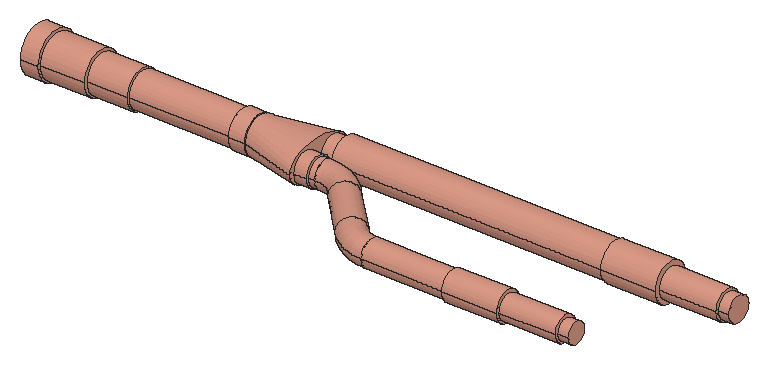
Revit family "outputfile", category 配管付属品, Revit 2024
Family settings
  丸型コネクタ寸法 = 半径を使用
  パーツ タイプ = 標準
  OmniClass 番号 = 23.65.55.00
  OmniClass タイトル = Distribution of Supplied Liquids/Gases
  作業面ベース = いいえ
  常に垂直 = はい
  ロード時にボイドで切り取り = いいえ
  共有 = いいえ
Parameters (values of type "BHRP25A72T")
  Description = ""
  製造元 = "Daikin"
  書き出し IFC クラス(タイプ) = "IfcPipeFittingType"
  定義済み IFC タイプ(タイプ) = "JUNCTION"
  Cost = 0
  Type Comments = ""
  Keynote = ""
  Type Image = (empty or 0)
  Assembly Code = ""
  mm⇔inch [instance] = yes
  l_dividePipe1 [instance] = size_lookup(table_StraightPipe, "l_dividePipe1", 10.0 mm, モデル)  # 10.0 mm
  Default Elevation = 0.0 mm
  モデル = "BHRP25A72T"
  table_StraightPipe [instance] = if(mm⇔inch, "Refnet Joint_BHRP25A-T_Gas_StraightPipe", "Refnet Joint_BHRP25A-T_Gas_StraightPipe_inch")  # "Refnet Joint_BHRP25A-T_Gas_StraightPipe"
  table_BranchPipe [instance] = if(mm⇔inch, "Refnet Joint_BHRP25A-T_Gas_BranchPipe", "Refnet Joint_BHRP25A-T_Gas_BranchPipe_inch")  # "Refnet Joint_BHRP25A-T_Gas_BranchPipe"
  table_Inlet [instance] = if(mm⇔inch, "Refnet Joint_BHRP25A-T_Gas_Inlet", "Refnet Joint_BHRP25A-T_Gas_Inlet_inch")  # "Refnet Joint_BHRP25A-T_Gas_Inlet"
  switch_StraightPipe_Reducer [instance] = if(Is_StraightPipe Reducer = 1, 1 = 1, 1 = 0)  # no
  switch_StraightPipe3 [instance] = if(number_StraightPipe = 3, 1 = 1, 1 = 0)  # yes
  switch_StraightPipe2 [instance] = if(number_StraightPipe < 2, 1 = 0, 1 = 1)  # yes
  switch_BranchPipe_Reducer [instance] = if(Is_BranchPipe Reducer = 1, 1 = 1, 1 = 0)  # no
  switch_BranchPipe3 [instance] = if(number_BranchPipe = 3, 1 = 1, 1 = 0)  # yes
  switch_BranchPipe2 [instance] = if(number_BranchPipe < 2, 1 = 0, 1 = 1)  # yes
  switch_Inlet pipe_Reducer [instance] = if(Is_Inlet Reducer = 1, 1 = 1, 1 = 0)  # no
  switch_Inlet pipe3 [instance] = if(number_InletPipe = 3, 1 = 1, 1 = 0)  # yes
  switch_Inlet pipe2 [instance] = if(number_InletPipe < 2, 1 = 0, 1 = 1)  # yes
  Uniclass2015Version = "Products v1.31"
  Uniclass2015Title = "Copper pipe fittings"
  Uniclass2015Code = "Pr_65_52_63_18"
  URL = ""
  StraightPipe_Gas_ActualDiameter [instance] = 15.9 mm
  Material_Piping = DAIKIN_Copper_Pipe
  Material_Insulation = DAIKIN_White_Insulation
  lw_Insulation [instance] = size_lookup(table_Inlet, "lw_Insulation", 57.8 mm, モデル)  # 53.5 mm
  Unit Type = "BHRP25A-T_Gas"
  Tag No. [instance] = ""
  StraightPipe_Gas_Status [instance] = size_lookup(table_StraightPipe, "Information", "The connected pipe size is not available.", モデル, StraightPipe_Gas_ActualDiameter)  # "Default connector size is used."
  Link_Nested Family [instance] = ""
  Inlet_Gas_Actual Diameter [instance] = 31.8 mm
  IfcVersion = ""
  IfcExportType = "JUNCTION"
  IfcExportAs = "IfcPipeFittingType"
  BranchPipe_Gas_Status [instance] = size_lookup(table_BranchPipe, "Information", "The connected pipe size is not available.", モデル, BranchPipe_Gas_ActualDiameter)  # "Default connector size is used."
  Inlet_Gas_Status [instance] = size_lookup(table_Inlet, "Information", "The connected pipe size is not available.", モデル, Inlet_Gas_Actual Diameter)  # "Default connector size is used."
  Series = "Refnet Joint"
  O.R_dividePipe_Inlet [instance] = (I.D_InletPipe1 + 2.0 mm) / 2  # 13.7 mm
  r_StraightPipe_Connector [instance] = StraightPipe_Gas_ActualDiameter / 2  # 7.95 mm
  r_BranchPipe_Connector [instance] = BranchPipe_Gas_ActualDiameter / 2  # 6.35 mm
  r_Inlet_Connector [instance] = Inlet_Gas_Actual Diameter / 2  # 15.9 mm
  number_StraightPipe [instance] = size_lookup(table_StraightPipe, "pipeNumber", 2, モデル, StraightPipe_Gas_ActualDiameter)  # 3
  number_BranchPipe [instance] = size_lookup(table_BranchPipe, "pipeNumber", 2, モデル, BranchPipe_Gas_ActualDiameter)  # 3
  number_InletPipe [instance] = size_lookup(table_Inlet, "pipeNumber", 3, モデル, Inlet_Gas_Actual Diameter)  # 3
  r_BranchPipeR [instance] = size_lookup(table_BranchPipe, "r_offsetPipeR", 25.0 mm, モデル, BranchPipe_Gas_ActualDiameter)  # 30.0 mm
  l_BranchPipe_Straight2 [instance] = size_lookup(table_BranchPipe, "L_offsetPipe2", 43.0 mm, モデル)  # 60.0 mm
  l_BranchPipe_Straight1 [instance] = size_lookup(table_BranchPipe, "L_offsetPipe1", 5.0 mm, モデル)  # 5.0 mm
  l_BranchPipe connector [instance] = size_lookup(table_BranchPipe, "Length", 170.0 mm, モデル, BranchPipe_Gas_ActualDiameter)  # 243.0 mm
  l_inlet connector [instance] = size_lookup(table_Inlet, "Length", 130.0 mm, モデル, Inlet_Gas_Actual Diameter)  # 162.0 mm
  l_dividePipe [instance] = size_lookup(table_Inlet, "L_devidePipe", 38.0 mm, モデル)  # 43.0 mm
  l_StraightPipeReducer [instance] = size_lookup(table_StraightPipe, "L_Reducer", 80.0 mm, モデル, StraightPipe_Gas_ActualDiameter)  # 100.0 mm
  l_StraightPipe3 [instance] = size_lookup(table_StraightPipe, "L_Pipe3", 2.0 mm, モデル)  # 8.0 mm
  l_StraightPipe2 [instance] = size_lookup(table_StraightPipe, "L_Pipe2", 8.0 mm, モデル)  # 42.0 mm
  l_StraightPipe1 [instance] = size_lookup(table_StraightPipe, "L_Pipe1", 42.0 mm, モデル)  # 40.0 mm
  l_StraightPipe0 [instance] = size_lookup(table_StraightPipe, "L_Pipe0", 152.0 mm, モデル)  # 198.0 mm
  l_StraightPipe connector [instance] = size_lookup(table_StraightPipe, "Length", 212.0 mm, モデル, StraightPipe_Gas_ActualDiameter)  # 298.0 mm
  l_BranchPipe Reducer [instance] = size_lookup(table_BranchPipe, "L_Reducer", 80.0 mm, モデル, BranchPipe_Gas_ActualDiameter)  # 100.0 mm
  l_BranchPipe3 [instance] = size_lookup(table_BranchPipe, "L_Pipe3", 2.0 mm, モデル)  # 8.0 mm
  l_BranchPipe2 [instance] = size_lookup(table_BranchPipe, "L_Pipe2", 8.0 mm, モデル)  # 42.0 mm
  l_BranchPipe1 [instance] = size_lookup(table_BranchPipe, "L_Pipe1", 42.0 mm, モデル)  # 40.0 mm
  l_BranchPipe0 [instance] = size_lookup(table_BranchPipe, "L_Pipe0", 110.0 mm, モデル)  # 143.0 mm
  l_InletReducer [instance] = size_lookup(table_Inlet, "L_Reducer", 100.0 mm, モデル, Inlet_Gas_Actual Diameter)  # 100.0 mm
  l_InletPipe3 [instance] = size_lookup(table_Inlet, "L_Pipe3", 8.0 mm, モデル)  # 13.0 mm
  l_InletPipe2 [instance] = size_lookup(table_Inlet, "L_Pipe2", 42.0 mm, モデル)  # 33.0 mm
  l_InletPipe1 [instance] = size_lookup(table_Inlet, "L_Pipe1", 40.0 mm, モデル)  # 30.0 mm
  l_InletPipe0 [instance] = size_lookup(table_Inlet, "L_Pipe0", 28.0 mm, モデル)  # 74.0 mm
  center_StraightPipe [instance] = size_lookup(table_StraightPipe, "center_Pipe", 11.5 mm, モデル)  # 12.5 mm
  center_BranchPipe2 [instance] = size_lookup(table_BranchPipe, "center_OffsetPipe", 68.5 mm, モデル)  # 67.5 mm
  center_BranchPipe1 [instance] = size_lookup(table_BranchPipe, "center_Pipe", 11.5 mm, モデル)  # 12.5 mm
  StraightPipe_Gas_AvailableDiameter [instance] = size_lookup(table_StraightPipe, "sizeVariation", "", モデル)  # "15.9/19.1/22.2/25.4/28.6mm"
  BranchPipe_Gas_AvailableDiameter [instance] = size_lookup(table_BranchPipe, "sizeVariation", "", モデル)  # "12.7/15.9/19.1/22.2/28.6mm"
  Inlet_Gas_Available Diameter [instance] = size_lookup(table_Inlet, "sizeVariation", "", モデル)  # "25.4/28.6/31.8mm"
  O.D_StraightPipe Reducer [instance] = size_lookup(table_StraightPipe, "O.D_reducer", 2.0 mm, モデル, StraightPipe_Gas_ActualDiameter)  # 2.0 mm
  O.D_Offset Outlet Reducer [instance] = size_lookup(table_BranchPipe, "O.D_reducer", 2.0 mm, モデル, BranchPipe_Gas_ActualDiameter)  # 2.0 mm
  O.D_Inlet Reducer [instance] = size_lookup(table_Inlet, "O.D_reducer", 2.0 mm, モデル, Inlet_Gas_Actual Diameter)  # 2.0 mm
  Is_StraightPipe Reducer [instance] = size_lookup(table_StraightPipe, "IsReducer", 0, モデル, StraightPipe_Gas_ActualDiameter)  # 0
  Is_BranchPipe Reducer [instance] = size_lookup(table_BranchPipe, "IsReducer", 0, モデル, BranchPipe_Gas_ActualDiameter)  # 0
  Is_Inlet Reducer [instance] = size_lookup(table_Inlet, "IsReducer", 0, モデル, Inlet_Gas_Actual Diameter)  # 0
  BranchPipe_Gas_ActualDiameter [instance] = 12.7 mm
  Attach_Insulation [instance] = no
  I.D_StraightPipe3 [instance] = size_lookup(table_StraightPipe, "I.D_PipeSize3", 2.0 mm, モデル)  # 15.9 mm
  I.D_StraightPipe2 [instance] = size_lookup(table_StraightPipe, "I.D_PipeSize2", 12.7 mm, モデル)  # 19.1 mm
  I.D_StraightPipe1 [instance] = size_lookup(table_StraightPipe, "I.D_PipeSize1", 15.9 mm, モデル)  # 25.4 mm
  I.D_StraightPipe0 [instance] = size_lookup(table_StraightPipe, "I.D_PipeSize0", 13.9 mm, モデル)  # 23.4 mm
  I.D_BranchPipe3 [instance] = size_lookup(table_BranchPipe, "I.D_PipeSize3", 2.0 mm, モデル)  # 12.7 mm
  I.D_BranchPipe2 [instance] = size_lookup(table_BranchPipe, "I.D_PipeSize2", 12.7 mm, モデル)  # 15.9 mm
  I.D_BranchPipe1 [instance] = size_lookup(table_BranchPipe, "I.D_PipeSize1", 15.9 mm, モデル)  # 19.1 mm
  I.D_BranchPipe0 [instance] = size_lookup(table_BranchPipe, "I.D_PipeSize0", 13.9 mm, モデル)  # 17.1 mm
  I.D_Straight Reducer [instance] = size_lookup(table_StraightPipe, "I.D_reducer", 2.0 mm, モデル, StraightPipe_Gas_ActualDiameter)  # 2.0 mm
  I.D_OutletPipe [instance] = size_lookup(table_Inlet, "I.D_OutletPipeSize", 16.0 mm, モデル, Inlet_Gas_Actual Diameter)  # 19.2 mm
  I.D_Branch Reducer [instance] = size_lookup(table_BranchPipe, "I.D_reducer", 2.0 mm, モデル, BranchPipe_Gas_ActualDiameter)  # 2.0 mm
  I.D_Inlet Reducer [instance] = size_lookup(table_Inlet, "I.D_reducer", 2.0 mm, モデル, Inlet_Gas_Actual Diameter)  # 2.0 mm
  I.D_InletPipe3 [instance] = size_lookup(table_Inlet, "I.D_PipeSize3", 12.7 mm, モデル)  # 31.8 mm
  I.D_InletPipe2 [instance] = size_lookup(table_Inlet, "I.D_PipeSize2", 15.9 mm, モデル)  # 28.6 mm
  I.D_InletPipe1 [instance] = size_lookup(table_Inlet, "I.D_PipeSize1", 19.1 mm, モデル)  # 25.4 mm
  I.D_InletPipe0 [instance] = size_lookup(table_Inlet, "I.D_PipeSize0", 17.1 mm, モデル)  # 23.4 mm
Reference planes
  plane 1 "Center (Front/Back)": y = 0
  plane 2: z = 0
  plane 3 "base_left": x = 0
  plane 4: x = 13
  plane 5: x = 46
  plane 6: x = 76
  plane 7: x = 150
  plane 8: x = 162
  plane 9: x = 205
  plane 10: x = 215
  plane 11 "center_straight outlet": y = 12.5
  plane 12 "center2_offset outlet": y = -67.5
  plane 13 "center1_offset outlet": y = -12.5
  plane 14: x = 413
  plane 15: x = 453
  plane 16: x = 495
  plane 17: x = 358
  plane 18: x = 398
  plane 19: x = 440
  plane 20: x = 503
  plane 21: x = 448
  plane 22 "Reducer_straightoutlet": x = 448
  plane 23: x = 503
  plane 24: y = -26.2
  plane 25: z = 13.7
  plane 26 "Inlet_connector": x = 0
  plane 27 "Left_Insulation": x = 108.5
Forms (mm)
  SweptBlend 1, solid, material "DAIKIN_Copper_Pipe" <- "Material_Piping"
    path origin (0, 0, 0) x (1, 0, 0) y (0, 1, 0)
      loop
        line (162, 0) -> (205, 0)
    profile origin (162, 0, 0) x (0, 1, 0) y (0, 0, 1)
      loop
        circle (0, 0) r 13.7
    end profile origin (205, 0, 0) x (0, 1, 0) y (0, 0, 1)
      loop
        spline (-26.2, 0) -> (-25.307, -3.546) -> (-22.69, -6.85) -> (-18.526, -9.687) -> (-13.1, -11.865) -> (-6.781, -13.233) -> (0, -13.7) -> (6.781, -13.233) -> (13.1, -11.865) -> (18.526, -9.687) -> (22.69, -6.85) -> (25.307, -3.546) -> (26.2, 0)
        spline (26.2, 0) -> (25.307, 3.546) -> (22.69, 6.85) -> (18.526, 9.687) -> (13.1, 11.865) -> (6.781, 13.233) -> (0, 13.7) -> (-6.781, 13.233) -> (-13.1, 11.865) -> (-18.526, 9.687) -> (-22.69, 6.85) -> (-25.307, 3.546) -> (-26.2, 0)
Dimensions and locks
  "l_InletPipe3": plane 3 "base_left" to plane 4
  "l_InletPipe2": plane 4 to plane 5
  "l_InletPipe1": plane 5 to plane 6
  "l_InletPipe0": plane 6 to plane 7
  locked: plane 7 to plane 8 at 12
  "center_StraightPipe": plane 1 "Center (Front/Back)" to plane 11 "center_straight outlet"
  "center_BranchPipe2": plane 12 "center2_offset outlet" to plane 1 "Center (Front/Back)"
  "center_BranchPipe1": plane 13 "center1_offset outlet" to plane 1 "Center (Front/Back)"
  "l_dividePipe": plane 8 to plane 9
  "l_dividePipe1": plane 9 to plane 10
  "l_StraightPipe0": plane 10 to plane 14
  "l_BranchPipe0": plane 10 to plane 17
  "l_BranchPipe1": plane 17 to plane 18
  "l_BranchPipe2": plane 18 to plane 19
  "l_StraightPipe1": plane 14 to plane 15
  "l_StraightPipe2": plane 15 to plane 16
  "l_StraightPipe3": plane 16 to plane 20
  "l_BranchPipe3": plane 19 to plane 21
  "l_BranchPipe connector": plane 9 to plane 22 "Reducer_straightoutlet"
  "l_StraightPipe connector": plane 9 to plane 23
  "O.R_dividePipe_Inlet": plane 24 to plane 13 "center1_offset outlet"
  "O.R_dividePipe_Inlet": plane 25 to plane 2
  "l_inlet connector": plane 26 "Inlet_connector" to plane 8
  "lw_Insulation": plane 27 "Left_Insulation" to plane 8
  "O.R_dividePipe_Inlet": radius of SweptBlend 1 sketch curve
  aligned and locked: level to plane 2
  aligned and locked: plane 2 to nested 1
  aligned and locked: plane 3 "base_left" to nested 1
  aligned and locked: plane 1 "Center (Front/Back)" to nested 1
  aligned and locked: plane 4 to nested 2
  aligned and locked: plane 1 "Center (Front/Back)" to nested 2
  aligned and locked: plane 5 to nested 2
  aligned and locked: plane 5 to nested 3
  aligned and locked: plane 6 to nested 3
  aligned and locked: plane 6 to nested 4
  aligned and locked: nested 4 to plane 7
  aligned and locked: nested 5 to plane 7
  aligned and locked: nested 5 to plane 8
  aligned and locked: plane 8 to SweptBlend 1 sketch curve
  aligned and locked: plane 9 to SweptBlend 1 sketch curve
  aligned and locked: plane 2 to SweptBlend 1 sketch curve  (x2)
  aligned and locked: plane 1 "Center (Front/Back)" to SweptBlend 1 sketch curve  (x2)
  aligned and locked: nested 6 to plane 9
  aligned and locked: nested 7 to plane 9
  aligned and locked: nested 6 to plane 11 "center_straight outlet"
  aligned and locked: nested 7 to plane 13 "center1_offset outlet"
  aligned and locked: nested 7 to plane 10
  aligned and locked: nested 6 to plane 10
  aligned and locked: nested 8 to plane 10
  aligned and locked: plane 14 to nested 8
  aligned and locked: nested 8 to plane 11 "center_straight outlet"
  aligned and locked: plane 14 to nested 9
  aligned and locked: nested 9 to plane 11 "center_straight outlet"
  aligned and locked: plane 15 to nested 9
  aligned and locked: nested 10 to plane 11 "center_straight outlet"
  aligned and locked: plane 15 to nested 10
  aligned and locked: plane 16 to nested 10
  aligned and locked: nested 11 to plane 12 "center2_offset outlet"
  aligned and locked: plane 17 to nested 11
  aligned and locked: plane 18 to nested 11
  aligned and locked: nested 12 to plane 12 "center2_offset outlet"
  aligned and locked: plane 18 to nested 12
  aligned and locked: plane 19 to nested 12
  aligned and locked: nested 13 to plane 10
  aligned and locked: nested 13 to plane 13 "center1_offset outlet"
  aligned and locked: nested 13 to plane 12 "center2_offset outlet"
  aligned and locked: plane 8 to nested 14
  aligned and locked: plane 1 "Center (Front/Back)" to nested 14
  aligned and locked: plane 11 "center_straight outlet" to nested 15
  aligned and locked: nested 15 to plane 9
  aligned and locked: nested 16 to plane 9
  aligned and locked: plane 12 "center2_offset outlet" to nested 16
  aligned and locked: nested 17 to plane 1 "Center (Front/Back)"
  aligned and locked: plane 16 to nested 18
  aligned and locked: plane 20 to nested 18
  aligned and locked: plane 19 to nested 19
  aligned and locked: plane 21 to nested 19
  aligned and locked: nested 20 to plane 12 "center2_offset outlet"
  aligned and locked: plane 23 to nested 21
  aligned and locked: nested 21 to plane 11 "center_straight outlet"
  aligned and locked: plane 4 to nested 1
  aligned and locked: plane 24 to SweptBlend 1 sketch curve
  aligned and locked: plane 25 to SweptBlend 1 sketch curve
  aligned and locked: nested 19 to plane 12 "center2_offset outlet"
  aligned and locked: nested 18 to plane 11 "center_straight outlet"
  aligned and locked: nested 17 to plane 26 "Inlet_connector"
  aligned and locked: plane 22 "Reducer_straightoutlet" to nested 20
  aligned and locked: plane 27 "Left_Insulation" to nested 22
  aligned and locked: plane 1 "Center (Front/Back)" to nested 22
Automatic sketch dimensions
  plane 1 "Center (Front/Back)" to SweptBlend 1 sketch curve = 0.0 mm
Nested families
  nested 1: "daikin_Pipe" at (6.5, 0, 0), I.D_Pipe <- "I.D_InletPipe3", display <- "switch_Inlet pipe3", type "*"
    with length_Pipe 13.0 mm, display yes, O.D_Pipe 33.8 mm, I.D_Pipe 31.8 mm
  nested 2: "daikin_Pipe" at (29.5, 0, 0), I.D_Pipe <- "I.D_InletPipe2", display <- "switch_Inlet pipe2", type "*"
    with length_Pipe 33.0 mm, display yes, O.D_Pipe 30.6 mm, I.D_Pipe 28.6 mm
  nested 3: "daikin_Pipe" at (61, 0, 0), I.D_Pipe <- "I.D_InletPipe1", type "*"
    with length_Pipe 30.0 mm, display yes, O.D_Pipe 27.4 mm, I.D_Pipe 25.4 mm
  nested 4: "daikin_Pipe" at (113, 0, 0), I.D_Pipe <- "I.D_InletPipe0", type "*"
    with length_Pipe 74.0 mm, display yes, O.D_Pipe 25.4 mm, I.D_Pipe 23.4 mm
  nested 5: "daikin_Pipe" at (156, 0, 0), I.D_Pipe <- "I.D_InletPipe1", type "*"
    with length_Pipe 12.0 mm, display yes, O.D_Pipe 27.4 mm, I.D_Pipe 25.4 mm
  nested 6: "daikin_Pipe" at (210, 12.5, 0), I.D_Pipe <- "I.D_OutletPipe", type "*"
    with length_Pipe 10.0 mm, display yes, O.D_Pipe 21.2 mm, I.D_Pipe 19.2 mm
  nested 7: "daikin_Pipe" at (210, -12.5, 0), I.D_Pipe <- "I.D_OutletPipe", type "*"
    with length_Pipe 10.0 mm, display yes, O.D_Pipe 21.2 mm, I.D_Pipe 19.2 mm
  nested 8: "daikin_Pipe" at (314, 12.5, 0), I.D_Pipe <- "I.D_StraightPipe0", type "*"
    with length_Pipe 198.0 mm, display yes, O.D_Pipe 25.4 mm, I.D_Pipe 23.4 mm
  nested 9: "daikin_Pipe" at (433, 12.5, 0), I.D_Pipe <- "I.D_StraightPipe1", type "*"
    with length_Pipe 40.0 mm, display yes, O.D_Pipe 27.4 mm, I.D_Pipe 25.4 mm
  nested 10: "daikin_Pipe" at (474, 12.5, 0), I.D_Pipe <- "I.D_StraightPipe2", display <- "switch_StraightPipe2", type "*"
    with length_Pipe 42.0 mm, display yes, O.D_Pipe 21.1 mm, I.D_Pipe 19.1 mm
  nested 11: "daikin_Pipe" at (378, -67.5, 0), I.D_Pipe <- "I.D_BranchPipe1", type "*"
    with length_Pipe 40.0 mm, display yes, O.D_Pipe 21.1 mm, I.D_Pipe 19.1 mm
  nested 12: "daikin_Pipe" at (419, -67.5, 0), I.D_Pipe <- "I.D_BranchPipe2", display <- "switch_BranchPipe2", type "*"
    with length_Pipe 42.0 mm, display yes, O.D_Pipe 17.9 mm, I.D_Pipe 15.9 mm
  nested 13: "daikin_Pipe Ofsset" at (215, -12.5, 0), I.D_Pipe size <- "I.D_BranchPipe0", length_straight pipe1 <- "l_BranchPipe_Straight1", length_straight pipe2 <- "l_BranchPipe_Straight2", r_Pipe R <- "r_BranchPipeR", length_Pipe <- "l_BranchPipe0", type "*"
    with r_Pipe R 30.0 mm, length_straight pipe2 60.0 mm, length_straight pipe1 5.0 mm, length_offset center 55.0 mm, length_Pipe 143.0 mm, O.D_Pipe size 19.1 mm, I.D_Pipe size 17.1 mm
  nested 14: "daikin_connector_rotate2" at (162, 0, 0) x (0, -1, 0) z (0, 0, 1), length <- "l_inlet connector", type "daikin_connector_rotate2"
    with radius 5.0 mm, length 162.0 mm, angle_vertical 90.00°, locaton_mark no
  nested 15: "daikin_connector_rotate2" at (205, 12.5, 0) x (0, 1, 0) z (0, 0, 1), length <- "l_StraightPipe connector", type "daikin_connector_rotate2"
    with radius 5.0 mm, length 298.0 mm, angle_vertical 90.00°, locaton_mark no
  nested 16: "daikin_connector_rotate2" at (205, -67.5, 0) x (0, 1, 0) z (0, 0, 1), length <- "l_BranchPipe connector", type "daikin_connector_rotate2"
    with radius 5.0 mm, length 243.0 mm, angle_vertical 90.00°, locaton_mark no
  nested 17: "daikin_Pipe_reducer" at (50, 0, 0) x (-1, 0, 0) z (0, 0, 1), display <- "switch_Inlet pipe_Reducer", length_Pipe <- "l_InletReducer", I.D_Pipe1 <- "I.D_Inlet Reducer", O.D_Pipe2 <- "O.D_Inlet Reducer", type "*"
    with length_Pipe 100.0 mm, display no, O.D_Pipe2 2.0 mm, O.D_Pipe1 4.0 mm, I.D_Pipe2 0.0 mm, I.D_Pipe1 2.0 mm
  nested 18: "daikin_Pipe" at (499, 12.5, 0), I.D_Pipe <- "I.D_StraightPipe3", display <- "switch_StraightPipe3", type "*"
    with length_Pipe 8.0 mm, display yes, O.D_Pipe 17.9 mm, I.D_Pipe 15.9 mm
  nested 19: "daikin_Pipe" at (444, -67.5, 0), I.D_Pipe <- "I.D_BranchPipe3", display <- "switch_BranchPipe3", type "*"
    with length_Pipe 8.0 mm, display yes, O.D_Pipe 14.7 mm, I.D_Pipe 12.7 mm
  nested 20: "daikin_Pipe_reducer" at (398, -67.5, 0), I.D_Pipe1 <- "I.D_Branch Reducer", O.D_Pipe2 <- "O.D_Offset Outlet Reducer", length_Pipe <- "l_BranchPipe Reducer", display <- "switch_BranchPipe_Reducer", type "*"
    with length_Pipe 100.0 mm, display no, O.D_Pipe2 2.0 mm, O.D_Pipe1 4.0 mm, I.D_Pipe2 0.0 mm, I.D_Pipe1 2.0 mm
  nested 21: "daikin_Pipe_reducer" at (453, 12.5, 0), I.D_Pipe1 <- "I.D_Straight Reducer", O.D_Pipe2 <- "O.D_StraightPipe Reducer", length_Pipe <- "l_StraightPipeReducer", display <- "switch_StraightPipe_Reducer", type "*"
    with length_Pipe 100.0 mm, display no, O.D_Pipe2 2.0 mm, O.D_Pipe1 4.0 mm, I.D_Pipe2 0.0 mm, I.D_Pipe1 2.0 mm
  nested 22: "daikin_Insulation_RefnetJoint" at (108.5, 0, 0), I.D_Outlet PipeSize <- "I.D_OutletPipe", type "*"
    with h 51.2 mm, I.D_Outlet PipeSize 19.2 mm, r_Insulation 11.0 mm, h_Insulation 200.0 mm, d_Insulation3_3 73.0 mm, d_Insulation2_2 43.5 mm, d_Insulation1_1 30.0 mm, w_Insulation4 60.3 mm, w_Insulation3 41.3 mm, w_Insulation2 72.0 mm, w_Insulation1 20.0 mm, d_Insulation3 65.0 mm, d_Insulation2 43.5 mm, d_Insulation1 30.0 mm
Connectors
  piping at (0, 0, 0), diameter 31.8, driven by "r_Inlet_Connector"
    settings: on nested 14, index 1, connector inside diameter 609.6 mm, connector length 0.0 mm, flow factor 0, pipe flow 0.00 m³/h, pressure drop 0.0 Pa, fitting loss kfactor 0, connector angle 0.00°, fixture units 0, engagement length 0.0 mm, angle of deflection 0.00°, flow configuration 0, flow direction 2, fitting loss method 0, system type 29, joint type 0, gender type 0, connector reference index -1, connector utility 0, adjustable connector no, is connector primary yes, connector description "Refnet Joint_Inlet_Gas"
  piping at (448, -67.5, 0), diameter 12.7, driven by "r_BranchPipe_Connector"
    settings: on nested 16, index 2, connector inside diameter 609.6 mm, connector length 0.0 mm, flow factor 0, pipe flow 0.00 m³/h, pressure drop 0.0 Pa, fitting loss kfactor 0, connector angle 0.00°, fixture units 0, engagement length 0.0 mm, angle of deflection 0.00°, flow configuration 0, flow direction 1, fitting loss method 0, system type 29, joint type 0, gender type 0, connector reference index -1, connector utility 0, adjustable connector no, is connector primary no, connector description "Refnet Joint_Outlet Branch_Gas"
  piping at (503, 12.5, 0), diameter 15.9, driven by "r_StraightPipe_Connector"
    settings: on nested 15, index 3, connector inside diameter 609.6 mm, connector length 0.0 mm, flow factor 0, pipe flow 0.00 m³/h, pressure drop 0.0 Pa, fitting loss kfactor 0, connector angle 0.00°, fixture units 0, engagement length 0.0 mm, angle of deflection 0.00°, flow configuration 0, flow direction 1, fitting loss method 0, system type 29, joint type 0, gender type 0, connector reference index -1, connector utility 0, adjustable connector no, is connector primary no, connector description "Refnet Joint_Outlet Straight_Gas"
Definition of nested family "daikin_Pipe"
  Parameters (values of type "*")
    Default Elevation = 0.0 mm
    material = none
    length_Pipe [instance] = 150.0 mm
    display [instance] = yes
    O.D_Pipe [instance] = I.D_Pipe + 2.0 mm  # 27.0 mm
    I.D_Pipe [instance] = 25.0 mm
  Reference planes
    plane 1 "Center (Front/Back)": y = 0
    plane 2 "center(vertical)": z = 0
    plane 3 "Center (Left/Right)": x = 0
    plane 4 "left": x = -75
    plane 5 "right": x = 75
  Forms (mm)
    Extrusion 1, solid, material <- "material", visible <- "display"
      sketch origin (0, 0, 0) x (0, 1, 0) y (0, 0, 1)
        loop
          circle (0, 0) r 13.5
      from -75 to 75
  Dimensions and locks
    equal spacing: plane 4 "left", plane 3 "Center (Left/Right)", plane 5 "right"
    "length_Pipe": plane 4 "left" to plane 5 "right"
    "O.D_Pipe": diameter of Extrusion 1 sketch curve
    aligned and locked: level to plane 2 "center(vertical)"
    aligned and locked: plane 2 "center(vertical)" to Extrusion 1 sketch curve
    aligned and locked: plane 1 "Center (Front/Back)" to Extrusion 1 sketch curve
    aligned and locked: plane 5 "right" to Extrusion 1
    aligned and locked: Extrusion 1 to plane 4 "left"
Definition of nested family "daikin_Pipe Ofsset"
  Parameters (values of type "*")
    Default Elevation = 0.0 mm
    r_Pipe R [instance] = 40.0 mm
    material = none
    length_straight pipe2 [instance] = 43.0 mm
    length_straight pipe1 [instance] = 5.0 mm
    length_offset center [instance] = 57.0 mm
    length_Pipe [instance] = 110.0 mm
    O.D_Pipe size [instance] = I.D_Pipe size + 2.0 mm  # 12.0 mm
    I.D_Pipe size [instance] = 10.0 mm
  Reference planes
    plane 1 "Center (Front/Back)": y = 0
    plane 2: z = 0
    plane 3 "Center (Left/Right)": x = 0
    plane 4: y = -57
    plane 5: x = 110
    plane 6: x = 67
    plane 7: x = 5
  Forms (mm)
    Sweep 1, solid, material <- "material"
      path origin (0, 0, 0) x (1, 0, 0) y (0, 1, 0)
        loop
          line (0, 0) -> (5, 0)
          arc (5, 0) -> (20.74, -3.227) -> (33.94, -12.387) r 40
          line (33.94, -12.387) -> (38.06, -44.613)
          arc (38.06, -44.613) -> (51.26, -53.773) -> (67, -57) r 40
          line (67, -57) -> (110, -57)
      profile origin (2.5, 0, 0) x (0, 1, 0) y (0, 0, 1)
        loop
          circle (0, 0) r 6
  Dimensions and locks
    "length_offset center": plane 4 to plane 1 "Center (Front/Back)"
    "length_straight pipe1": plane 3 "Center (Left/Right)" to plane 7
    "length_Pipe": plane 3 "Center (Left/Right)" to plane 5
    "length_straight pipe2": plane 6 to plane 5
    "O.D_Pipe size": diameter of Sweep 1 sketch curve
    "r_Pipe R": radius of Sweep 1 sketch curve  (x2)
    aligned and locked: level to plane 2
    aligned and locked: plane 1 "Center (Front/Back)" to Sweep 1 sketch curve
    aligned and locked: profile plane to Sweep 1 sketch curve
    aligned and locked: plane 5 to Sweep 1 sketch curve
    aligned and locked: plane 7 to Sweep 1 sketch curve
    aligned and locked: plane 6 to Sweep 1 sketch curve
  Automatic sketch dimensions
    plane 1 "Center (Front/Back)" to Sweep 1 sketch curve = 0.0 mm
    Sweep 1 sketch curve to plane 3 "Center (Left/Right)" = 0.0 mm
    plane 4 to Sweep 1 sketch curve = 0.0 mm
    plane 1 "Center (Front/Back)" to Sweep 1 sketch curve = 12.387 mm
    Sweep 1 sketch curve to plane 4 = 12.387 mm
Definition of nested family "daikin_connector_rotate2"
  Parameters (values of type "daikin_connector_rotate2")
    show_face = no
    radius [instance] = 10.0 mm
    locaton_mark = yes
    length [instance] = 600.0 mm
    d_surface = 10.0 mm
    angle_vertical [instance] = 90.00°
    Default Elevation = 0.0 mm
  Reference planes
    plane 1 "Center (Front/Back)": y = 0
    plane 2: z = 0
    plane 3 "Center (Left/Right)": x = 0
  Forms (mm)
    Extrusion 1, solid, visible <- "show_face"
      sketch origin (0, -600, 0) x (1, 0, 0) y (0, 0, 1)
        loop
          circle (0, 0) r 10
      from 0 to -10
  Lines and regions (mm)
    reference lines
      curve 1: line (0, 0, 0) -> (0, -600, 0)
    symbolic lines, visible <- "locaton_mark"
      curve 2: circle (0, 0, 0) r 5 normal (0, 0, 1)
    model lines, visible <- "show_face"
      curve 3: line (0, 0, 0) -> (0, -600, 0)
  Dimensions and locks
    "length": curve 1 to curve 1
    "length": curve 3 to curve 3
    "d_surface": Extrusion 1 to Extrusion 1
    "radius": radius of Extrusion 1 sketch curve
    "angle_vertical": angle curve 1 to plane 1 "Center (Front/Back)"
    "angle_vertical": angle curve 3 to plane 1 "Center (Front/Back)"
    aligned and locked: level to plane 2
    aligned and locked: plane 1 "Center (Front/Back)" to curve 1
    aligned and locked: plane 2 to curve 1
    aligned and locked: plane 1 "Center (Front/Back)" to curve 2
    aligned and locked: plane 3 "Center (Left/Right)" to curve 2
    aligned and locked: plane 1 "Center (Front/Back)" to curve 3
    aligned and locked: plane 2 to curve 3
    aligned and locked: Extrusion 1 to Extrusion 1
  Automatic sketch dimensions
    Extrusion 1 sketch curve to level = 0.0 mm
    Extrusion 1 sketch curve to plane 3 "Center (Left/Right)" = 0.0 mm
    radius of curve 2 = 5.0 mm
Definition of nested family "daikin_Pipe_reducer"
  Parameters (values of type "*")
    Default Elevation = 0.0 mm
    material = none
    length_Pipe [instance] = 250.0 mm
    display [instance] = yes
    O.D_Pipe2 [instance] = 19.1 mm
    O.D_Pipe1 [instance] = I.D_Pipe1 + 2.0 mm  # 24.2 mm
    I.D_Pipe2 [instance] = O.D_Pipe2 - 2.0 mm  # 17.1 mm
    I.D_Pipe1 [instance] = 22.2 mm
  Reference planes
    plane 1 "Center (Front/Back)": y = 0
    plane 2 "center(vertical)": z = 0
    plane 3 "Center (Left/Right)": x = 0
    plane 4 "connection": x = -125
    plane 5 "right": x = 113
    plane 6: x = 125
  Forms (mm)
    Extrusion 1, solid, material <- "material", visible <- "display"
      sketch origin (0, 0, 0) x (0, 1, 0) y (0, 0, 1)
        loop
          circle (0, 0) r 9.55
      from -125 to 113
    Extrusion 2, solid, material <- "material", visible <- "display"
      sketch origin (0, 0, 0) x (0, 1, 0) y (0, 0, 1)
        loop
          circle (0, 0) r 12.1
      from 113 to 125
  Dimensions and locks
    locked: plane 5 "right" to plane 6 at 12
    "length_Pipe": plane 4 "connection" to plane 6
    equal spacing: plane 4 "connection", plane 3 "Center (Left/Right)", plane 6
    "O.D_Pipe2": diameter of Extrusion 1 sketch curve
    "O.D_Pipe1": diameter of Extrusion 2 sketch curve
    aligned and locked: level to plane 2 "center(vertical)"
    aligned and locked: plane 2 "center(vertical)" to Extrusion 1 sketch curve
    aligned and locked: plane 1 "Center (Front/Back)" to Extrusion 1 sketch curve
    aligned and locked: plane 5 "right" to Extrusion 1
    aligned and locked: Extrusion 1 to plane 4 "connection"
    aligned and locked: plane 2 "center(vertical)" to Extrusion 2 sketch curve
    aligned and locked: plane 1 "Center (Front/Back)" to Extrusion 2 sketch curve
    aligned and locked: Extrusion 2 to plane 5 "right"
    aligned and locked: plane 6 to Extrusion 2
Definition of nested family "daikin_Insulation_RefnetJoint"
  Parameters (values of type "*")
    r_Insulation = size_lookup(table_Insulation, "r_Insulation", 13.5 mm, Model)  # 13.5 mm
    h_Insulation = size_lookup(table_Insulation, "h_Insulation", 203.8 mm, Model)  # 202.5 mm
    d_Insulation3_3 = size_lookup(table_Insulation, "d_Insulation3_3", 68.0 mm, Model)  # 68.0 mm
    d_Insulation2_2 = size_lookup(table_Insulation, "d_Insulation2_2", 38.0 mm, Model)  # 38.0 mm
    d_Insulation1_1 = size_lookup(table_Insulation, "d_Insulation1_1", 26.5 mm, Model)  # 26.5 mm
    Default Elevation = 0.0 mm
    Model = "BHRP25A22T"
    w_Insulation5 = size_lookup(table_Insulation, "w_Insulation5", 212.0 mm, Model)  # 212.0 mm
    w_Insulation4 = size_lookup(table_Insulation, "w_Insulation4", 67.0 mm, Model)  # 67.0 mm
    w_Insulation3 = size_lookup(table_Insulation, "w_Insulation3", 34.7 mm, Model)  # 34.7 mm
    w_Insulation2 = size_lookup(table_Insulation, "w_Insulation2", 80.0 mm, Model)  # 80.0 mm
    w_Insulation1 = size_lookup(table_Insulation, "w_Insulation1", 22.0 mm, Model)  # 22.0 mm
    table_Insulation = "Refnet Joint_BHRP25A-T_Gas_Insulation"  # constant formula
    material = none
    h [instance] = (I.D_Outlet PipeSize + 2.0 mm) + 30.0 mm  # 47.0 mm
    display = no
    d_Insulation3 = size_lookup(table_Insulation, "d_Insulation3", 63.5 mm, Model)  # 63.5 mm
    d_Insulation2 = size_lookup(table_Insulation, "d_Insulation2", 41.0 mm, Model)  # 41.0 mm
    d_Insulation1 = size_lookup(table_Insulation, "d_Insulation1", 29.5 mm, Model)  # 29.5 mm
    I.D_Outlet PipeSize [instance] = 15.0 mm
  Reference planes
    plane 1 "Center (Front/Back)": y = 0
    plane 2: z = 0
    plane 3 "Left": x = 0
    plane 4 "top": z = 23.5
    plane 5 "bottom": z = -23.5
    plane 6: x = 22
    plane 7: x = 80
    plane 8: y = 26.5
    plane 9: y = -29.5
    plane 10: y = 38
    plane 11: y = -41
    plane 12: y = -93.5
    plane 13: x = 212
    plane 14: y = -30
    plane 15: x = 114.7
    plane 16: x = 145
    plane 17: x = 202.5
  Forms (mm)
    Extrusion 1, solid, material <- "material", visible <- "display"
      sketch origin (0, 0, 0) x (1, 0, 0) y (0, 1, 0)
        loop
          line (22, 26.5) -> (0, 26.5) -> (0, -29.5) -> (22, -29.5) -> (80, -41) -> (114.7, -41) -> (145, -93.5) -> (212, -93.5) -> (212, -43.5) -> (202.5, -43.5)
          arc (202.5, -43.5) -> (189, -30) -> (202.5, -16.5) r 13.5
          line (202.5, -16.5) -> (212, -16.5) -> (212, 38) -> (80, 38) -> (22, 26.5)
      from -23.5 to 23.5
  Dimensions and locks
    equal spacing: plane 4 "top", plane 2, plane 5 "bottom"
    "h": plane 4 "top" to plane 5 "bottom"
    "w_Insulation1": plane 3 "Left" to plane 6
    "w_Insulation2": plane 3 "Left" to plane 7
    "w_Insulation5": plane 3 "Left" to plane 13
    "w_Insulation3": plane 7 to plane 15
    "w_Insulation4": plane 16 to plane 13
    "d_Insulation1": plane 1 "Center (Front/Back)" to plane 9
    "d_Insulation1_1": plane 8 to plane 1 "Center (Front/Back)"
    "d_Insulation2": plane 1 "Center (Front/Back)" to plane 11
    "d_Insulation2_2": plane 10 to plane 1 "Center (Front/Back)"
    "d_Insulation3_3": plane 10 to plane 14
    "d_Insulation3": plane 14 to plane 12
    "r_Insulation": Extrusion 1 sketch curve to plane 14
    "r_Insulation": plane 14 to Extrusion 1 sketch curve
    "h_Insulation": plane 3 "Left" to plane 17
    "r_Insulation": radius of Extrusion 1 sketch curve
    aligned and locked: level to plane 2
    aligned and locked: Extrusion 1 to plane 5 "bottom"
    aligned and locked: plane 4 "top" to Extrusion 1
    aligned and locked: plane 6 to Extrusion 1  (x2)
    aligned and locked: plane 7 to Extrusion 1  (x2)
    aligned and locked: plane 6 to Extrusion 1 sketch curve
    aligned and locked: plane 11 to Extrusion 1 sketch curve
    aligned and locked: plane 7 to Extrusion 1 sketch curve  (x2)
    aligned and locked: plane 10 to Extrusion 1 sketch curve
    aligned and locked: Extrusion 1 sketch curve to plane 12
    aligned and locked: Extrusion 1 sketch curve to plane 13  (x2)
    aligned and locked: plane 16 to Extrusion 1 sketch curve
    aligned and locked: plane 15 to Extrusion 1 sketch curve
    aligned and locked: plane 17 to Extrusion 1 sketch curve
  Automatic sketch dimensions
    Extrusion 1 sketch curve to plane 3 "Left" = 0.0 mm
    Extrusion 1 sketch curve to plane 6 = 0.0 mm
    Extrusion 1 sketch curve to plane 9 = 0.0 mm
    Extrusion 1 sketch curve to plane 8 = 0.0 mm
